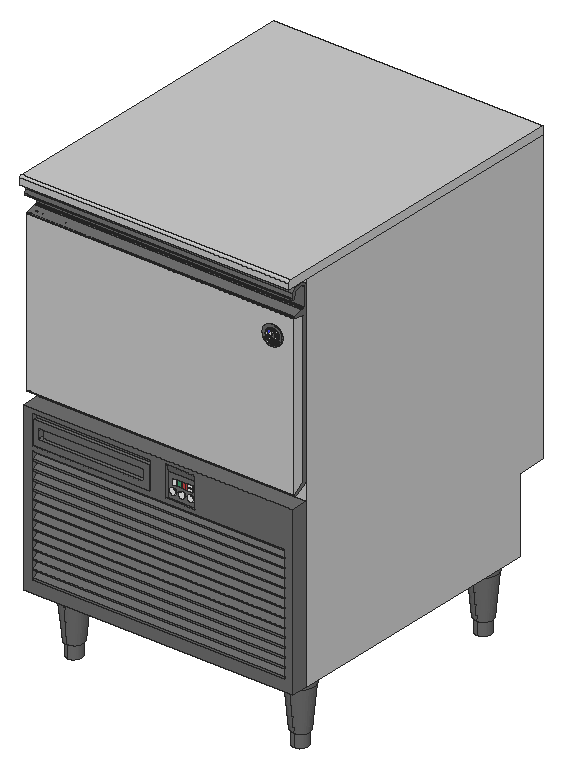
Revit family "QF_HOSHIZAKI_KM-80C-HC", category Specialty Equipment, Revit 2016
Family settings
  Part Type = Normal
  Round Connector Dimension = Use Diameter
  OmniClass Number = 23.40.40.14
  OmniClass Title = Food Service Equipment
  Work Plane-Based = No
  Always vertical = Yes
  Cut with Voids When Loaded = No
  Shared = No
  Room Calculation Point = No
Parameters (values of type "KM-80C-HC_230V/1Ph/50Hz")
  Weight = 50.00 kg
  Waste Remarks [instance] = ""
  Volts = 230 V
  URL Cutsheet = ""
  URL = "www.hoshizaki-europe.com"
  Status [instance] = ""
  Specification by User [instance] = ""
  Specification by Manufacturer [instance] = ""
  Serial Number = ""
  Seismic Rating = ""
  SMACNA No = ""
  Revision Code [instance] = ""
  Phase = 1
  Number of Poles = 2
  NAFEM Spec ID Number = ""
  Model = "KM-80C-HC"
  Min Ckt Ampacity = 0 A
  Max Overcurrent Protection = 0 A
  Masterspec = ""
  Manufacturer = "HOSHIZAKI"
  Length Actual = 605 mm
  Item Number [instance] = ""
  Installed By [instance] = ""
  Indirect Waste Size = 25.4 mm
  Indirect Waste Connection Type [instance] = ""
  Indirect Waste Connection Height [instance] = 301 mm
  Identify Quantity as Lot [instance] = no
  Height Actual = 988 mm
  HP power = ""
  Furnished By [instance] = ""
  Foodservice Equipment Identifier [instance] = yes
  FL Amps = 2.1 A
  Electric power = 314 W
  Electric Connection Type [instance] = ""
  Elec Conn RI Height [instance] = 0 mm
  Elec Conn Connection Height [instance] = 219 mm
  Direct Waste RI Height [instance] = 0 mm
  Description = "SELF CONTAINED KM ICE MAKER, 75KG PER 24 HOURS, CRESCENT"
  Depth Actual = 712 mm
  Cycle = 50 Hz
  Cost = 0
  Conn Plug = ""
  Conn Conduit = no
  Cold Water Temperature Recommended = 0 °C
  Cold Water Size = 19.05 mm
  Cold Water Flow = 0.0 L/s
  Cold Water Connection Height [instance] = 317 mm
  CSI MasterFormat = ""
  Assembly Code = "E1090320"
  Apparent Power = 314 VA
  Accessory = no
Reference planes
  plane 1 "Center (Front/Back)": y = 0
  plane 2: z = 0
  plane 3 "Center (Left/Right)": x = 0
Forms (mm)
  Extrusion 1, solid, not visible
    sketch origin (38, -67, 218) x (1, 0, 0) y (0, 1, 0)
      loop
        line (0, 0) -> (2, 0) -> (2, 2) -> (0, 2) -> (0, 0)
    from 0 to 2
  Extrusion 2, solid, not visible
    sketch origin (93, -33, 319) x (1, 0, 0) y (0, 1, 0)
      loop
        line (0, 0) -> (2, 0) -> (2, 2) -> (0, 2) -> (0, 0)
    from 0 to 2
  Extrusion 3, solid, not visible
    sketch origin (557, -67, 300) x (1, 0, 0) y (0, 1, 0)
      loop
        line (0, 0) -> (2, 0) -> (2, 2) -> (0, 2) -> (0, 0)
    from 0 to 2
Dimensions and locks
  aligned and locked: level to plane 2
Nested families
  nested 1: "QF_HOSHIZAKI_KM-80C-HC_230V_1Ph_50Hz" at (0, 0, 0), type "KM-80C-HC_230V/1Ph/50Hz"
    with Show Logo yes, Show Clearance yes
Connectors
  electrical at (39, -65, 219), driven by "Apparent Power", driven by "Number of Poles", driven by "Volts"
    settings: on Extrusion 1, index 1, voltage 230 V, apparent load 0 VA, apparent load phase1 314 VA, apparent load phase2 0 VA, apparent load phase3 0 VA, power factor 1, load classification "Other", number of poles 2, system type 31, power factor state 1, is connector primary yes, connector utility no, sub classification motor no, connector description "Electric connection for 'KM-80C-HC'"
  piping at (94, -32, 319), diameter 19.05, driven by "Cold Water Size", driven by "Cold Water Flow"
    settings: on Extrusion 2, index 2, connector inside diameter 609.6 mm, connector length 0 mm, flow factor 0, pipe flow 0.0 L/s, pressure drop 0.0 Pa, fitting loss kfactor 0, connector angle 0.00°, fixture units 0, engagement length 0 mm, angle of deflection 0.00°, flow configuration 1, flow direction 1, fitting loss method 0, system type 20, joint type 0, gender type 0, connector reference index -1, connector utility 0, adjustable connector no, is connector primary yes, connector description "Cold Water connection for 'KM-80C-HC'"
  piping at (558, -65, 301), diameter 25.4, driven by "Indirect Waste Size"
    settings: on Extrusion 3, index 3, connector inside diameter 609.6 mm, connector length 0 mm, flow factor 0, pipe flow 0.0 L/s, pressure drop 0.0 Pa, fitting loss kfactor 0, connector angle 0.00°, fixture units 0, engagement length 0 mm, angle of deflection 0.00°, flow configuration 1, flow direction 2, fitting loss method 0, system type 16, joint type 0, gender type 0, connector reference index -1, connector utility 0, adjustable connector no, is connector primary no, connector description "Drain connection for 'KM-80C-HC'"
Definition of nested family "QF_HOSHIZAKI_KM-80C-HC_230V_1Ph_50Hz"
  Parameters (values of type "KM-80C-HC_230V/1Ph/50Hz")
    URL = "www.hoshizaki-europe.com"
    Show Logo [instance] = yes
    Show Clearance [instance] = yes
    Model = "KM-80C-HC"
    Manufacturer = "HOSHIZAKI"
    Description = "SELF CONTAINED KM ICE MAKER, 75KG PER 24 HOURS, CRESCENT"
    Assembly Code = "E1090320"
  Reference planes
    plane 1 "Back": y = 0
    plane 2: z = 0
    plane 3 "Left": x = 0
    plane 4 "Right": x = 605
    plane 5 "Front": y = -712
    plane 6 "Top": z = 988
  Forms (mm)
    Extrusion 1, solid
      sketch origin (0, 0, 0) x (0, 1, 0) y (0, 0, 1)
        loop
          line (0, 988) -> (-707, 988)
          arc (-707, 988) -> (-710.536, 986.536) -> (-712, 983) r 5
          line (-712, 983) -> (-712, 970) -> (0, 970) -> (0, 988)
      from 0 to 605
    Extrusion 2, solid
      sketch origin (0, 0, 0) x (0, 1, 0) y (0, 0, 1)
        loop
          line (-65, 150) -> (-65, 317) -> (0, 317) -> (0, 970) -> (-662, 970) -> (-662, 150) -> (-65, 150)
      from 0 to 605
    Revolve 3, solid
      sketch origin (48, 0, 0) x (0, 1, 0) y (0, 0, 1)
        loop
          line (-106, 0) -> (-89, 0) -> (-89, 30) -> (-85.966, 30) -> (-76.5, 124) -> (-76.5, 146) -> (-106, 146) -> (-106, 0)
        axis (-106, 0) -> (-106, 146)
      angle from 0 to 360
    Extrusion 4, solid
      sketch origin (0, -102.184, 0) x (0, 1, 0) y (0, 0, 1)
        loop
          arc (-564.152, 560.106) -> (-560.966, 563.691) -> (-559.816, 568.347) r 10
          line (-559.816, 568.347) -> (-559.816, 956.197)
          arc (-559.816, 956.197) -> (-563.19, 963.687) -> (-571.035, 966.123) r 10
          line (-571.035, 966.123) -> (-587.697, 964.077)
          arc (-587.697, 964.077) -> (-593.362, 961.405) -> (-596.326, 955.888) r 10
          line (-596.326, 955.888) -> (-598.012, 946.326)
          arc (-598.012, 946.326) -> (-596.39, 944.009) -> (-594.073, 945.632) r 2
          line (-594.073, 945.632) -> (-592.387, 955.193)
          arc (-592.387, 955.193) -> (-590.608, 958.503) -> (-587.209, 960.106) r 6
          line (-587.209, 960.106) -> (-570.547, 962.152)
          arc (-570.547, 962.152) -> (-565.84, 960.691) -> (-563.816, 956.197) r 6
          line (-563.816, 956.197) -> (-563.816, 915.35)
          arc (-563.816, 915.35) -> (-564.246, 914.146) -> (-565.343, 913.487) r 1.9
          arc (-565.343, 913.487) -> (-565.869, 913.401) -> (-566.401, 913.352) r 7.5
          arc (-566.401, 913.352) -> (-568.987, 913.073) -> (-571.531, 912.527) r 25
          line (-571.531, 912.527) -> (-592.016, 907) -> (-592.016, 905) -> (-590.605, 905)
          arc (-590.605, 905) -> (-589.35, 904.725) -> (-588.326, 903.95) r 3
          arc (-588.326, 903.95) -> (-586.618, 902.659) -> (-584.526, 902.2) r 5
          line (-584.526, 902.2) -> (-574.616, 902.2)
          arc (-574.616, 902.2) -> (-571.08, 900.736) -> (-569.616, 897.2) r 5
          line (-569.616, 897.2) -> (-569.616, 566.869)
          arc (-569.616, 566.869) -> (-570.191, 564.541) -> (-571.784, 562.748) r 5
          line (-571.784, 562.748) -> (-586.848, 552.395)
          arc (-586.848, 552.395) -> (-588.117, 551.134) -> (-588.862, 549.507) r 5
          arc (-588.862, 549.507) -> (-589.572, 548.421) -> (-590.8, 548) r 2
          line (-590.8, 548) -> (-592.016, 548)
          arc (-592.016, 548) -> (-591.43, 546.586) -> (-590.016, 546) r 2
          line (-590.016, 546) -> (-584.677, 546) -> (-564.152, 560.106)
      from 2 to 603
    Extrusion 5, solid
      sketch origin (0, -102.184, 0) x (0, 1, 0) y (0, 0, 1)
        loop
          line (-593.816, 905) -> (-593.816, 548) -> (-590.8, 548)
          arc (-590.8, 548) -> (-589.572, 548.421) -> (-588.862, 549.507) r 2
          arc (-588.862, 549.507) -> (-588.117, 551.134) -> (-586.848, 552.395) r 5
          line (-586.848, 552.395) -> (-571.784, 562.748)
          arc (-571.784, 562.748) -> (-570.191, 564.541) -> (-569.616, 566.869) r 5
          line (-569.616, 566.869) -> (-569.616, 897.2)
          arc (-569.616, 897.2) -> (-571.08, 900.736) -> (-574.616, 902.2) r 5
          line (-574.616, 902.2) -> (-584.526, 902.2)
          arc (-584.526, 902.2) -> (-586.618, 902.659) -> (-588.326, 903.95) r 5
          arc (-588.326, 903.95) -> (-589.35, 904.725) -> (-590.605, 905) r 3
          line (-590.605, 905) -> (-593.816, 905)
      from 2 to 603
    Extrusion 6, solid
      sketch origin (0, -712, 0) x (-1, 0, 0) y (0, 0, 1)
        loop
          line (-1, 523) -> (-604, 523) -> (-604, 150) -> (-1, 150) -> (-1, 523)
        loop
          line (-19.5, 512) -> (-284.5, 512) -> (-284.5, 447) -> (-19.5, 447) -> (-19.5, 512)
        loop
          line (-19.5, 176.5) -> (-19.5, 437) -> (-585.5, 437) -> (-585.5, 176.5) -> (-19.5, 176.5)
      from 11 to 50
    Extrusion 7, solid
      sketch origin (0, -84, 148.5) x (0, 1, 0) y (0, 0, 1)
        loop
          line (-578, 363.5) -> (-607, 363.5) -> (-607, 278.5) -> (-617, 271) -> (-617, 268) -> (-597, 283) -> (-597, 266) -> (-617, 251) -> (-617, 248) -> (-597, 263) -> (-597, 246) -> (-617, 231) -> (-617, 228) -> (-597, 243) -> (-597, 226) -> (-617, 211) -> (-617, 208) -> (-597, 223) -> (-597, 206) -> (-617, 191) -> (-617, 188) -> (-597, 203) -> (-597, 186) -> (-617, 171) -> (-617, 168) -> (-597, 183) -> (-597, 166) -> (-617, 151) -> (-617, 148) -> (-597, 163) -> (-597, 146) -> (-617, 131) -> (-617, 128) -> (-597, 143) -> (-597, 126) -> (-617, 111) -> (-617, 108) -> (-597, 123) -> (-597, 106) -> (-617, 91) -> (-617, 88) -> (-597, 103) -> (-597, 86) -> (-617, 71) -> (-617, 68) -> (-597, 83) -> (-597, 66) -> (-617, 51) -> (-617, 48) -> (-597, 63) -> (-597, 46) -> (-617, 31) -> (-617, 28) -> (-578, 28) -> (-578, 363.5)
      from 585.5 to 19.5
    Extrusion 8, solid, visible <- "Show Logo"
      sketch origin (1014.884, -695.5, -1007.5) x (-1, 0, 0) y (0, 0, -1)
        loop
          circle (459.884, -1862.5) r 13.99
      from -0.5 to 2
    Extrusion 9, solid, visible <- "Show Logo"
      sketch origin (1014.884, -696, -1007.5) x (-1, 0, 0) y (0, 0, -1)
        loop
          circle (459.884, -1862.5) r 15
        loop
          arc (446.884, -1862.5) -> (460.705, -1875.474) -> (472.781, -1860.863) r 13
          line (472.781, -1860.863) -> (470.355, -1858.437) -> (469.346, -1862.201) -> (466.355, -1863.928) -> (465.024, -1865.26) -> (463.375, -1865.26) -> (462.04, -1870.241) -> (457.755, -1870.241) -> (459.339, -1867.979) -> (460.402, -1864.014) -> (461.224, -1860.945) -> (462.416, -1856.497) -> (461.216, -1855.297) -> (459.433, -1857.843) -> (455.784, -1851.523) -> (460.361, -1851.523) -> (461.471, -1853.446) -> (469.213, -1853.446)
          arc (469.213, -1853.446) -> (460.394, -1849.51) -> (451.293, -1852.743) r 13
          line (451.293, -1852.743) -> (455.577, -1853.891) -> (453.752, -1856.497) -> (455.349, -1856.497) -> (454.477, -1866.459) -> (452.538, -1866.459) -> (446.884, -1862.5)
        loop
          line (447.853, -1857.467) -> (452.313, -1861.926) -> (450.144, -1853.891)
          arc (450.144, -1853.891) -> (448.878, -1855.602) -> (447.853, -1857.467) r 15.828
        loop
          line (463.583, -1862.877) -> (466.64, -1862.399) -> (464.901, -1861.285) -> (463.583, -1857.664) -> (463.583, -1862.877)
        loop
          line (464.827, -1855.979) -> (468.296, -1856.908) -> (469.573, -1854.916) -> (468.881, -1854.224) -> (467.914, -1855.035) -> (464.827, -1855.979)
        loop
          line (462.609, -1872.307) -> (462.609, -1874.009) -> (464.927, -1873.388) -> (462.609, -1872.307)
        loop
          line (460.361, -1874.662) -> (459.594, -1873.335) -> (460.801, -1872.638) -> (459.186, -1872.205) -> (458.298, -1874.11) -> (460.361, -1874.662)
        loop
          line (459.623, -1846.783) -> (460.706, -1845.701) -> (462.247, -1845.701) -> (461.191, -1844.645) -> (461.503, -1842.874) -> (459.623, -1843.959) -> (457.743, -1842.874) -> (458.055, -1844.645) -> (456.999, -1845.701) -> (458.54, -1845.701) -> (459.623, -1846.783)
        loop
          line (446.86, -1853.7) -> (446.594, -1852.191) -> (447.478, -1850.929) -> (446.007, -1851.188) -> (444.736, -1849.917) -> (444.547, -1852.08) -> (442.579, -1852.997) -> (444.209, -1853.757) -> (444.468, -1855.228) -> (445.352, -1853.965) -> (446.86, -1853.7)
        loop
          line (452.395, -1848.68) -> (452.856, -1847.219) -> (454.223, -1846.508) -> (452.799, -1846.059) -> (452.258, -1844.344) -> (451.091, -1846.175) -> (448.922, -1846.08) -> (450.017, -1847.507) -> (449.568, -1848.931) -> (450.935, -1848.219) -> (452.395, -1848.68)
        loop
          line (472.909, -1853.7) -> (474.417, -1853.965) -> (475.301, -1855.228) -> (475.56, -1853.757) -> (477.19, -1852.997) -> (475.222, -1852.08) -> (475.033, -1849.917) -> (473.761, -1851.188) -> (472.291, -1850.929) -> (473.175, -1852.191) -> (472.909, -1853.7)
        loop
          line (467.374, -1848.68) -> (468.834, -1848.219) -> (470.201, -1848.931) -> (469.752, -1847.507) -> (470.847, -1846.08) -> (468.678, -1846.175) -> (467.511, -1844.344) -> (466.97, -1846.059) -> (465.546, -1846.508) -> (466.913, -1847.219) -> (467.374, -1848.68)
      from 0 to 2
    Extrusion 10, solid, visible <- "Show Logo"
      sketch origin (1014.884, -696, -1007.5) x (-1, 0, 0) y (0, 0, -1)
        loop
          line (462.609, -1874.009) -> (462.609, -1872.307) -> (462.085, -1870.241) -> (457.755, -1870.241) -> (459.339, -1867.979) -> (462.416, -1856.497) -> (461.216, -1855.297) -> (459.433, -1857.843) -> (455.808, -1851.565) -> (453.948, -1851.565) -> (455.577, -1853.891) -> (454.477, -1866.459) -> (456.345, -1871.339)
          arc (456.345, -1871.339) -> (456.868, -1874.025) -> (459.213, -1875.435) r 3.366
          arc (459.213, -1875.435) -> (460.198, -1875.496) -> (461.183, -1875.435) r 8.046
          line (461.183, -1875.435) -> (462.609, -1874.009)
        loop
          line (456.854, -1851.523) -> (460.361, -1851.523) -> (460.916, -1852.485) -> (462.702, -1852.485) -> (463.779, -1851.407) -> (460.623, -1851.407) -> (461.563, -1850.468) -> (456.245, -1850.468) -> (456.854, -1851.523)
        loop
          line (460.361, -1874.662) -> (459.594, -1873.335) -> (460.801, -1872.638) -> (459.186, -1872.205) -> (458.298, -1874.11) -> (460.361, -1874.662)
      from 0 to 2
    Extrusion 11, solid, visible <- "Show Logo"
      sketch origin (229.5, -695, 416.096) x (1, 0, 0) y (0, 0, 1)
        loop
          circle (325.5, 438.904) r 22.5
      from 0 to 2
    Extrusion 12, solid
      sketch origin (-0.5, -712, 1.452) x (-1, 0, 0) y (0, 0, 1)
        loop
          line (-21, 498.548) -> (-284, 498.548) -> (-284, 446.548) -> (-21, 446.548) -> (-21, 498.548)
        loop
          line (-39.5, 486.548) -> (-265.5, 486.548)
          arc (-265.5, 486.548) -> (-269.036, 485.084) -> (-270.5, 481.548) r 5
          line (-270.5, 481.548) -> (-270.5, 466.048)
          arc (-270.5, 466.048) -> (-269.036, 462.513) -> (-265.5, 461.048) r 5
          line (-265.5, 461.048) -> (-39.5, 461.048)
          arc (-39.5, 461.048) -> (-35.964, 462.513) -> (-34.5, 466.048) r 5
          line (-34.5, 466.048) -> (-34.5, 481.548)
          arc (-34.5, 481.548) -> (-35.964, 485.084) -> (-39.5, 486.548) r 5
      from 11 to 21
    Extrusion 13, solid
      sketch origin (0, 0, 0) x (1, 0, 0) y (0, 1, 0)
        loop
          line (87, -145) -> (87, -67) -> (9, -67) -> (9, -145) -> (87, -145)
      from 146 to 150
    Revolve 14, solid
      sketch origin (48, -514, 0) x (0, 1, 0) y (0, 0, 1)
        loop
          line (-106, 0) -> (-89, 0) -> (-89, 30) -> (-85.966, 30) -> (-76.5, 124) -> (-76.5, 146) -> (-106, 146) -> (-106, 0)
        axis (-106, 0) -> (-106, 146)
      angle from 0 to 360
    Extrusion 15, solid
      sketch origin (0, -514, 0) x (1, 0, 0) y (0, 1, 0)
        loop
          line (87, -145) -> (87, -67) -> (9, -67) -> (9, -145) -> (87, -145)
      from 146 to 150
    Revolve 16, solid
      sketch origin (557, 0, 0) x (0, 1, 0) y (0, 0, 1)
        loop
          line (-106, 0) -> (-89, 0) -> (-89, 30) -> (-85.966, 30) -> (-76.5, 124) -> (-76.5, 146) -> (-106, 146) -> (-106, 0)
        axis (-106, 0) -> (-106, 146)
      angle from 0 to 360
    Extrusion 17, solid
      sketch origin (509, 0, 0) x (1, 0, 0) y (0, 1, 0)
        loop
          line (87, -145) -> (87, -67) -> (9, -67) -> (9, -145) -> (87, -145)
      from 146 to 150
    Revolve 18, solid
      sketch origin (557, -514, 0) x (0, 1, 0) y (0, 0, 1)
        loop
          line (-106, 0) -> (-89, 0) -> (-89, 30) -> (-85.966, 30) -> (-76.5, 124) -> (-76.5, 146) -> (-106, 146) -> (-106, 0)
        axis (-106, 0) -> (-106, 146)
      angle from 0 to 360
    Extrusion 19, solid
      sketch origin (509, -514, 0) x (1, 0, 0) y (0, 1, 0)
        loop
          line (87, -145) -> (87, -67) -> (9, -67) -> (9, -145) -> (87, -145)
      from 146 to 150
    Extrusion 20, solid, visible <- "Show Clearance", detail levels coarse
      sketch origin (0, -102, 0) x (0, 1, 0) y (0, 0, 1)
        loop
          line (-594, 544.412) -> (-594, 964.843)
          arc (-594, 964.843) -> (-794.857, 901.5) -> (-923, 734.36) r 350
          line (-923, 734.36) -> (-594, 544.412)
      from 2 to 603
    Extrusion 21, solid
      sketch origin (87.5, -712, 0) x (-1, 0, 0) y (0, 0, 1)
        loop
          line (-265.14, 488.748) -> (-274.86, 488.748) -> (-274.86, 476.748) -> (-265.14, 476.748) -> (-265.14, 488.748)
      from 16 to 14
    Extrusion 22, solid
      sketch origin (66.5, -712, 0) x (-1, 0, 0) y (0, 0, 1)
        loop
          line (-265.14, 488.748) -> (-274.86, 488.748) -> (-274.86, 476.748) -> (-265.14, 476.748) -> (-265.14, 488.748)
      from 16 to 14
    Extrusion 23, solid
      sketch origin (77, -712, 0) x (-1, 0, 0) y (0, 0, 1)
        loop
          line (-265.14, 488.748) -> (-274.86, 488.748) -> (-274.86, 476.748) -> (-265.14, 476.748) -> (-265.14, 488.748)
      from 16 to 14
    Extrusion 24, solid
      sketch origin (101.5, -712, 1) x (-1, 0, 0) y (0, 0, 1)
        loop
          line (-265.14, 488.748) -> (-274.86, 488.748) -> (-274.86, 482.748) -> (-265.14, 482.748) -> (-265.14, 488.748)
      from 16 to 14
    Extrusion 25, solid
      sketch origin (101.5, -712, 964.497) x (-1, 0, 0) y (0, 0, 1)
        loop
          line (-265.14, -488.748) -> (-265.14, -482.748) -> (-274.86, -482.748) -> (-274.86, -488.748) -> (-265.14, -488.748)
      from 16 to 14
    Extrusion 26, solid
      sketch origin (62.5, -712, -20) x (-1, 0, 0) y (0, 0, 1)
        loop
          circle (-270, 482.748) r 7
      from 16 to 14
    Extrusion 27, solid
      sketch origin (82.5, -712, -20) x (-1, 0, 0) y (0, 0, 1)
        loop
          circle (-270, 482.748) r 7
      from 16 to 14
    Extrusion 28, solid
      sketch origin (642.5, -712, -20) x (1, 0, 0) y (0, 0, -1)
        loop
          circle (-270, -482.748) r 7
      from 16 to 14
    Extrusion 29, solid
      sketch origin (153, 0, -80) x (1, 0, 0) y (0, 0, 1)
        loop
          circle (405, 301) r 12.5
        loop
          circle (405, 301) r 11
      from 50 to 65
    Blend 30, void
      base sketch origin (77, -102, 0) x (1, 0, 0) y (0, 0, 1)
        loop
          line (308, 514.548) -> (243, 514.548) -> (243, 446.548) -> (308, 446.548) -> (308, 514.548)
      top sketch origin (77, -102, 0) x (1, 0, 0) y (0, 0, 1)
        loop
          line (308, 500.548) -> (243, 500.548) -> (243, 446.548) -> (308, 446.548) -> (308, 500.548)
      from 599 to 595
  Cuts and joins
    Blend 30 cuts Extrusion 6
  Lines and regions (mm)
    symbolic lines
      curve 1: line (0, 0, 0) -> (605, 0, 0)
      curve 2: line (605, 0, 0) -> (605, -712, 0)
      curve 3: line (605, -712, 0) -> (0, -712, 0)
      curve 4: line (0, -712, 0) -> (0, 0, 0)
    symbolic lines, visible <- "Show Clearance"
      curve 5: line (2, -1025, 0) -> (2, -712, 0)
      curve 6: line (2, -1025, 0) -> (603, -1025, 0)
      curve 7: line (603, -1025, 0) -> (603, -712, 0)
  Dimensions and locks
    plane 6 "Top" to level = 988 mm
    plane 5 "Front" to plane 1 "Back" = 712 mm
    plane 3 "Left" to plane 4 "Right" = 605 mm
    aligned and locked: level to plane 2
    aligned and locked: Extrusion 1 to plane 4 "Right"
    aligned and locked: Extrusion 2 to plane 4 "Right"
